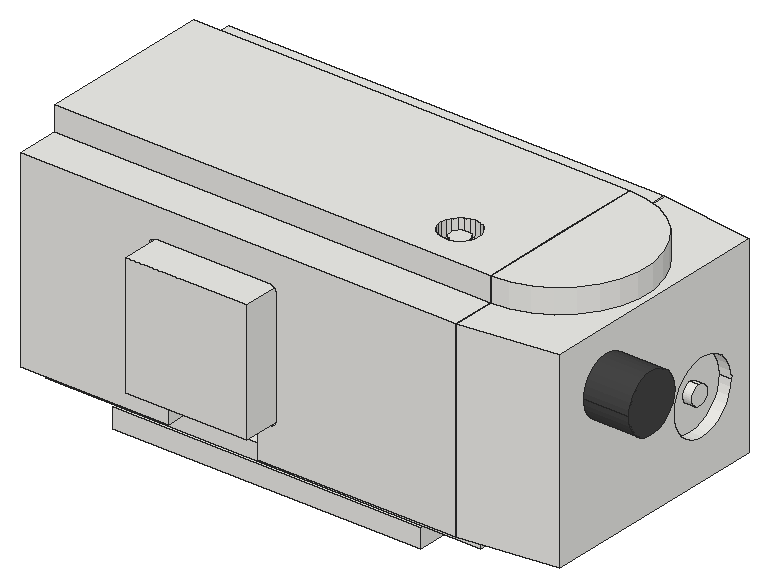
Revit family "PAV_ARICA", category Equipement de génie climatique, Revit 2018
Family settings
  Cote de connecteur circulaire = Utiliser le diamètre
  Classification = Aucun
  Type d'élément = Normal
  Basée sur le plan de construction = Non
  Toujours verticalement = Oui
  Couper avec des vides une fois chargée = Non
  Partagée = Non
  Point de calcul de pièce = Non
Parameters (values of type "17V")
  Zone de maintenance coffret = yes
  Zone de maintenance 1 = yes
  Type_coffret = tableau éléctrique EPT : Coffret_PM2_3xSL150R
  TENSION_ALIM = 400 V
  PUISS_ELECT_2 = 0 kW
  PUISS_ELECT = 0.55 kW
  PUISS_APPARENTE_2 = 0 VA
  PUISS_APPARENTE = PUISS_ELECT / 0.9  # 611.111 VA
  POIDS(Kg) = 22.5 mm
  NIVEAU_SONORE(dB(A)) = 61
  NEUTRE = no
  NBR_POLES = 3
  Lien espace client = ""
  LONG.TROU.BOITE.ELECT = 101.5 mm
  LONG.POMPE.SOCLE (2) = 242 mm
  LONG.POMPE.SOCLE (1) = 53 mm
  LONG.POMPE.REG = 416 mm
  LONG.POMPE.ENV (6) = 342 mm
  LONG.POMPE.ENV (5) = 342 mm
  LONG.POMPE.ENV (4) = 342 mm
  LONG.POMPE.ENV (3) = 452 mm
  LONG.POMPE.ENV (2) = 410.2 mm
  LONG.POMPE.ENV (1) = 416 mm
  LONG.BOITE.ELECT.CAB = 141.5 mm
  LONG.BOITE.ELECT = 104 mm
  LONG.REFOUL = 232 mm
  LONG.ASPI.VIDE = 276.5 mm
  LONG.ASPI = 110 mm
  LARG.POMPE.SOCLE (2) = 77.5 mm
  LARG.POMPE.SOCLE (1) = 77.5 mm
  LARG.POMPE.ENV 3 = 68.2 mm
  LARG.POMPE.ENV 1 = 102.5 mm
  LARG.POMPE.ENV = 102.478 mm
  LARG.BOITE ELECT = 128.5 mm
  LARG.ASPI = 35 mm
  HAUT.POMPE.ENV 1 = 205 mm
  HAUT.POMPE.ENV = 205 mm
  HAUT.ASPI.VIDE = 193 mm
  HAUT.ASPI = 193 mm
  Description = ""
  DOUBLE_ALIMENTATION = yes
  DIAM_REFOUL_VIDE = 15 mm
  DIAM_ASPI_VIDE = 15 mm
  DESCR_REFOUL = "Refoulement Vide; 16m3/h; G1/2\"FEM"
  DESCR_ASPI = "Aspiration Vide; 16m3/h; G1/2\"FEM"
  DESCR_ALIM_X = "Alimentation électrique, 4G1.5mm²"
  DEBIT_REFOUL_VIDE = 16.0 m³/h
  DEBIT_ASPI_VIDE = 16.0 m³/h
  COS_PHI = 0.9  # constant formula
  BRANCHEMENT_TERRE = yes
Types (4, lengths in mm): name | PUISS_ELECT | PUISS_APPARENTE | POIDS(Kg) | NIVEAU_SONORE(dB(A)) | NEUTRE | LONG.TROU.BOITE.ELECT | LONG.POMPE.SOCLE (2) | LONG.POMPE.SOCLE (1) | LONG.POMPE.REG | LONG.POMPE.ENV (6) | LONG.POMPE.ENV (5) | LONG.POMPE.ENV (4) | LONG.POMPE.ENV (3) | LONG.POMPE.ENV (2) | LONG.POMPE.ENV (1) | LONG.BOITE.ELECT.CAB | LONG.BOITE.ELECT | LONG.REFOUL | LONG.ASPI.VIDE | LONG.ASPI | LARG.POMPE.SOCLE (2) | LARG.POMPE.SOCLE (1) | LARG.POMPE.ENV 3 | LARG.POMPE.ENV 1 | LARG.POMPE.ENV | HAUT.POMPE.ENV 1 | HAUT.POMPE.ENV | HAUT.ASPI.VIDE | HAUT.ASPI | DIAM_REFOUL_VIDE | DIAM_ASPI_VIDE | DESCR_REFOUL | DESCR_ASPI | DEBIT_REFOUL_VIDE | DEBIT_ASPI_VIDE
  (no name) | 0.55 kW | 611.111 VA | 22.5 | 61 | no | 101.5 | 242 | 53 | 416 | 342 | 342 | 342 | 452 | 410.2 | 416 | 141.5 | 104 | 232 | 276.5 | 110 | 77.5 | 77.5 | 68.2 | 102.5 | 102.478 | 205 | 205 | 193 | 193 | 15 | 15 | "Refoulement Vide; 16m3/h; G1/2\"FEM" | "Aspiration Vide; 16m3/h; G1/2\"FEM" | 16.0 m³/h | 16.0 m³/h
  17V | 0.55 kW | 611.111 VA | 22.5 | 61 | no | 101.5 | 242 | 53 | 416 | 342 | 342 | 342 | 452 | 410.2 | 416 | 141.5 | 104 | 232 | 276.5 | 110 | 77.5 | 77.5 | 68.2 | 102.5 | 102.478 | 205 | 205 | 193 | 193 | 15 | 15 | "Refoulement Vide; 16m3/h; G1/2\"FEM" | "Aspiration Vide; 16m3/h; G1/2\"FEM" | 16.0 m³/h | 16.0 m³/h
  41V | 1.25 kW | 1388.89 VA | 38 | 67 | yes | 142 | 260 | 111 | 532 | 432 | 432 | 432 | 572 | 500.2 | 532 | 182 | 144.5 | 352 | 348.5 | 182 | 119 | 119 | 90.7 | 125 | 125 | 250 | 250 | 238 | 238 | 20 | 20 | "Refoulement Vide; 40m3/h; G3/4\"FEM" | "Aspiration Vide; 40m3/h; G3/4\"FEM" | 40.0 m³/h | 40.0 m³/h
  27V | 0.75 kW | 833.333 VA | 26 | 62 | yes | 123 | 260 | 76 | 465 | 364.5 | 364.5 | 364.5 | 505 | 455.2 | 465 | 163 | 125.5 | 281 | 286.5 | 120.5 | 119 | 119 | 90.7 | 125 | 125 | 250 | 250 | 238 | 238 | 20 | 20 | "Refoulement Vide; 25m3/h; G3/4\"FEM" | "Aspiration Vide; 25m3/h; G3/4\"FEM" | 25.0 m³/h | 25.0 m³/h
Reference planes
  plane 1 "Centre (avant/arrière)": y = 0
  plane 2 "SOCLE": z = 0
  plane 3 "Centre (gauche/droite)": x = 0
  plane 4: x = -545
  plane 5: x = -545
  plane 6: x = -245
  plane 7 "Carcasse": x = -174
  plane 8 "OFFSET.REFOU": x = 232
  plane 9 "BOITE.ELECT": z = 65.5
  plane 10 "BOITE.ELECT.CAB": z = 65.5
  plane 11 "OFFSET.ASPI": z = 193
  plane 12 "SOCLE (1)": x = -121
  plane 13 "Carcasse (1)": x = 168
Forms (mm)
  Extrusion 1, solid, not visible
    sketch origin (-671.698, -1524, 268) x (-1, 0, 0) y (0, -1, 0)
      loop
        circle (-126.698, -1132) r 25
    from 0 to 17
  Extrusion 2, solid, not visible
    sketch origin (-671.698, -1524, 268) x (-1, 0, 0) y (0, -1, 0)
      loop
        circle (-126.698, -1132) r 25
    from 0 to 17
  Extrusion 3, solid, not visible
    sketch origin (-371.698, -1524, 268) x (-1, 0, 0) y (0, -1, 0)
      loop
        circle (-126.698, -1132) r 25
    from 0 to 17
  Extrusion 4, solid, material "BLANC MILS"
    sketch origin (-174, 31.822, 0) x (0, 1, 0) y (0, 0, 1)
      loop
        line (36.378, 185.984) -> (36.378, 205) -> (-100.022, 205) -> (-100.022, 185.984) -> (-134.3, 185.984) -> (-134.3, 35.984) -> (-109.3, 35.984) -> (-109.3, 16.984) -> (45.7, 16.984) -> (45.7, 35.984) -> (70.656, 35.984) -> (70.656, 185.984) -> (36.378, 185.984)
    from 0 to 342
  Blend 5, solid, material "BLANC MILS"
    base sketch origin (168, 212.167, 1200) x (0, 1, 0) y (0, 0, 1)
      loop
        line (-109.667, -1014.016) -> (-314.667, -1014.016) -> (-314.667, -1164.016) -> (-109.667, -1164.016) -> (-109.667, -1014.016)
    top sketch origin (168, 212.167, 1200) x (0, 1, 0) y (0, 0, 1)
      loop
        line (-119.667, -1014.016) -> (-304.667, -1014.016) -> (-304.667, -1164.016) -> (-119.667, -1164.016) -> (-119.667, -1014.016)
    from 0 to 74
  Extrusion 6, void
    sketch origin (0, -102.503, 0) x (-1, 0, 0) y (0, 0, 1)
      loop
        line (67.5, 163) -> (-22.5, 163)
        arc (-22.5, 163) -> (-26.036, 161.536) -> (-27.5, 158) r 5
        line (-27.5, 158) -> (-27.5, 68)
        arc (-27.5, 68) -> (-26.036, 64.464) -> (-22.5, 63) r 5
        line (-22.5, 63) -> (-12.5, 63) -> (-12.5, 29.418) -> (57.5, 29.418) -> (57.5, 63) -> (67.5, 63)
        arc (67.5, 63) -> (71.036, 64.464) -> (72.5, 68) r 5
        line (72.5, 68) -> (72.5, 158)
        arc (72.5, 158) -> (71.036, 161.536) -> (67.5, 163) r 5
    from -25.997 to 34.3
  Extrusion 7, solid, material "NOIR MILS"
    sketch origin (242, 0, 0) x (0, 1, 0) y (0, 0, 1)
      loop
        circle (-47.5, 145) r 22.53
    from 0 to 36
  Revolve 8, solid, material "BLANC MILS"
    sketch origin (168, -148, 0) x (0, -1, 0) y (0, 0, 1)
      loop
        line (-216.2, 185.984) -> (-148, 185.984) -> (-148, 205) -> (-216.2, 205) -> (-216.2, 185.984)
      axis (-148, 205) -> (-148, 185.984)
    angle from 0 to 180
  Extrusion 9, void
    sketch origin (242, 0, 0) x (0, 1, 0) y (0, 0, 1)
      loop
        circle (47.5, 95) r 28.5
    from -10 to 0
  Extrusion 10, solid, material "BLANC MILS"
    sketch origin (232, 0, 0) x (0, 0, -1) y (0, -1, 0)
      loop
        circle (-95, -47.5) r 7.503
    from -7.5 to 0
  Extrusion 11, solid, material "BLANC MILS"
    sketch origin (-279.728, -1524, 65.5) x (-1, 0, 0) y (0, -1, 0)
      loop
        line (-209.728, -1455.822) -> (-209.728, -1395.5) -> (-304.728, -1395.5) -> (-304.728, -1455.822) -> (-209.728, -1455.822)
    from 0 to 95
  Extrusion 12, solid, material "BLANC MILS"
    sketch origin (0, 0, 65.5) x (-1, 0, 0) y (0, -1, 0)
      loop
        line (32.5, 92.578) -> (27.5, 101.238) -> (17.5, 101.238) -> (12.5, 92.578) -> (17.5, 83.918) -> (27.5, 83.918) -> (32.5, 92.578)
    from 0 to -5
  Extrusion 13, void
    sketch origin (-460.751, -1524, 193) x (0, -1, 0) y (-1, 0, 0)
      loop
        line (-1489, -563.251) -> (-1492.882, -563.762) -> (-1496.5, -565.261) -> (-1499.607, -567.644) -> (-1501.99, -570.751) -> (-1503.489, -574.369) -> (-1504, -578.251) -> (-1503.489, -582.133) -> (-1501.99, -585.751) -> (-1499.607, -588.858) -> (-1496.5, -591.241) -> (-1492.882, -592.74) -> (-1489, -593.251) -> (-1485.118, -592.74) -> (-1481.5, -591.241) -> (-1478.393, -588.858) -> (-1476.01, -585.751) -> (-1474.511, -582.133) -> (-1474, -578.251) -> (-1474.511, -574.369) -> (-1476.01, -570.751) -> (-1478.393, -567.644) -> (-1481.5, -565.261) -> (-1485.118, -563.762) -> (-1489, -563.251)
    from 0 to -12
  Extrusion 14, solid, material "BLANC MILS"
    sketch origin (-460.752, -1524, 193) x (-1, 0, 0) y (0, -1, 0)
      loop
        line (-570.752, -1489) -> (-571.007, -1487.059) -> (-571.756, -1485.25) -> (-572.948, -1483.697) -> (-574.501, -1482.505) -> (-576.31, -1481.756) -> (-578.251, -1481.501) -> (-580.192, -1481.756) -> (-582.001, -1482.505) -> (-583.554, -1483.697) -> (-584.746, -1485.25) -> (-585.495, -1487.059) -> (-585.751, -1489) -> (-585.495, -1490.941) -> (-584.746, -1492.75) -> (-583.554, -1494.303) -> (-582.001, -1495.495) -> (-580.192, -1496.244) -> (-578.251, -1496.499) -> (-576.31, -1496.244) -> (-574.501, -1495.495) -> (-572.948, -1494.303) -> (-571.756, -1492.75) -> (-571.007, -1490.941) -> (-570.752, -1489)
    from 0 to 7.5
  Extrusion 15, solid, material "BLANC MILS"
    sketch origin (-121, 425.938, 1200) x (0, 1, 0) y (0, 0, 1)
      loop
        line (-475.438, -1183.016) -> (-475.438, -1185) -> (-503.438, -1185) -> (-503.438, -1200) -> (-348.438, -1200) -> (-348.438, -1185) -> (-376.438, -1185) -> (-376.438, -1183.016) -> (-393.438, -1183.016) -> (-393.438, -1185) -> (-458.438, -1185) -> (-458.438, -1183.016) -> (-475.438, -1183.016)
    from 0 to 242
Cuts and joins
  Extrusion 9 cuts Blend 5
  joined: Blend 5, Extrusion 10
  Extrusion 6, Extrusion 13 cuts Extrusion 4
Dimensions and locks
  "LONG.POMPE.ENV (1)": plane 7 "Carcasse" to cut or joined group of Blend 5, Extrusion 9, Extrusion 10
  plane 7 "Carcasse" to Revolve 8 = 410.2 mm
  "LONG.POMPE.ENV (4)": plane 7 "Carcasse" to cut or joined group of Blend 5, Extrusion 9, Extrusion 10
  "LONG.POMPE.REG": plane 7 "Carcasse" to Extrusion 7
  Extrusion 7 to Extrusion 7 = 36 mm
  "LONG.BOITE.ELECT": Extrusion 11 to plane 7 "Carcasse"
  locked: Extrusion 11 to Extrusion 11 at 95
  "LONG.BOITE.ELECT.CAB": Extrusion 12 to plane 7 "Carcasse"
  "LONG.REFOUL": cut or joined group of Blend 5, Extrusion 9, Extrusion 10 to plane 3 "Centre (gauche/droite)"
  cut or joined group of Blend 5, Extrusion 9, Extrusion 10 to Extrusion 9 to cut or joined group of Blend 5, Extrusion 9, Extrusion 10 to Extrusion 9 = 0 mm locked, 7.5 mm locked, 2.5 mm locked
  "LONG.ASPI": Extrusion 14 to plane 3 "Centre (gauche/droite)"
  "LONG.ASPI.VIDE": Extrusion 13 to plane 7 "Carcasse"
  "LONG.TROU.BOITE.ELECT": plane 7 "Carcasse" to cut or joined group of Extrusion 4, Extrusion 6, Extrusion 13
  cut or joined group of Extrusion 4, Extrusion 6, Extrusion 13 to cut or joined group of Extrusion 4, Extrusion 6, Extrusion 13 to cut or joined group of Extrusion 4, Extrusion 6, Extrusion 13 to cut or joined group of Extrusion 4, Extrusion 6, Extrusion 13 = 15 mm locked, 70 mm locked, 15 mm locked
  "LONG.POMPE.ENV (5)": plane 7 "Carcasse" to cut or joined group of Extrusion 4, Extrusion 6, Extrusion 13
  "LARG.BOITE ELECT": plane 1 "Centre (avant/arrière)" to Extrusion 11
  "LONG.POMPE.SOCLE (1)": plane 7 "Carcasse" to plane 12 "SOCLE (1)"
  "LONG.POMPE.SOCLE (2)": plane 12 "SOCLE (1)" to Extrusion 15
  "LARG.POMPE.SOCLE (1)": plane 1 "Centre (avant/arrière)" to Extrusion 15
  plane 1 "Centre (avant/arrière)" to Extrusion 15 to Extrusion 15 = 32.5 mm locked, 17 mm locked
  "LARG.POMPE.SOCLE (2)": Extrusion 15 to plane 1 "Centre (avant/arrière)"
  Extrusion 15 to Extrusion 15 to plane 1 "Centre (avant/arrière)" = 17 mm locked, 32.5 mm locked
  "LONG.BOITE.ELECT": cut or joined group of Extrusion 4, Extrusion 6, Extrusion 13 to Extrusion 11
  cut or joined group of Extrusion 4, Extrusion 6, Extrusion 13 to Extrusion 14 = 291.499 mm
  cut or joined group of Extrusion 4, Extrusion 6, Extrusion 13 to Extrusion 7 = 452 mm
  cut or joined group of Extrusion 4, Extrusion 6, Extrusion 13 to cut or joined group of Blend 5, Extrusion 9, Extrusion 10 = 416 mm
  "LONG.POMPE.ENV (3)": plane 7 "Carcasse" to Extrusion 7
  "HAUT.POMPE.ENV": cut or joined group of Extrusion 4, Extrusion 6, Extrusion 13 to level
  cut or joined group of Extrusion 4, Extrusion 6, Extrusion 13 to cut or joined group of Extrusion 4, Extrusion 6, Extrusion 13 to cut or joined group of Extrusion 4, Extrusion 6, Extrusion 13 to cut or joined group of Extrusion 4, Extrusion 6, Extrusion 13 = 19.016 mm locked, 150 mm, 19 mm locked  (x2)
  "LARG.POMPE.ENV": cut or joined group of Extrusion 4, Extrusion 6, Extrusion 13 to plane 1 "Centre (avant/arrière)" to cut or joined group of Extrusion 4, Extrusion 6, Extrusion 13
  locked: cut or joined group of Extrusion 4, Extrusion 6, Extrusion 13 to cut or joined group of Extrusion 4, Extrusion 6, Extrusion 13 at 34.278  (x2)
  locked: cut or joined group of Extrusion 4, Extrusion 6, Extrusion 13 to cut or joined group of Extrusion 4, Extrusion 6, Extrusion 13 at 24.956
  locked: cut or joined group of Extrusion 4, Extrusion 6, Extrusion 13 to cut or joined group of Extrusion 4, Extrusion 6, Extrusion 13 at 25
  "HAUT.POMPE.ENV 1": Revolve 8 to level
  Extrusion 15 to cut or joined group of Blend 5, Extrusion 9, Extrusion 10 to cut or joined group of Blend 5, Extrusion 9, Extrusion 10 to Revolve 8 = 35.984 mm locked, 150 mm, 19.016 mm locked
  "LARG.POMPE.ENV 1": cut or joined group of Blend 5, Extrusion 9, Extrusion 10 to plane 1 "Centre (avant/arrière)" to cut or joined group of Blend 5, Extrusion 9, Extrusion 10
  locked: cut or joined group of Blend 5, Extrusion 9, Extrusion 10 to cut or joined group of Blend 5, Extrusion 9, Extrusion 10 at 10  (x2)
  locked: cut or joined group of Extrusion 4, Extrusion 6, Extrusion 13 to Revolve 8 at 19.016
  "LARG.POMPE.ENV 3": Revolve 8 to plane 1 "Centre (avant/arrière)"
  "LONG.POMPE.ENV (6)": plane 7 "Carcasse" to Revolve 8
  "HAUT.ASPI": cut or joined group of Extrusion 4, Extrusion 6, Extrusion 13 to level
  locked: cut or joined group of Extrusion 4, Extrusion 6, Extrusion 13 to cut or joined group of Extrusion 4, Extrusion 6, Extrusion 13 at 12
  "HAUT.ASPI.VIDE": Extrusion 14 to level
  locked: Extrusion 14 to Extrusion 14 at 7.5
  "LARG.ASPI": Extrusion 14 to plane 1 "Centre (avant/arrière)"
  radius of Extrusion 1 sketch curve = 25 mm
  radius of Extrusion 2 sketch curve = 25 mm
  radius of Extrusion 3 sketch curve = 25 mm
  aligned and locked: level to plane 2 "SOCLE"
Automatic sketch dimensions
  plane 3 "Centre (gauche/droite)" to Extrusion 6 sketch curve = 27.5 mm
  Extrusion 6 sketch curve to Extrusion 6 sketch curve = 5 mm  (x3)
  plane 3 "Centre (gauche/droite)" to Extrusion 6 sketch curve = 12.5 mm
  Extrusion 6 sketch curve to plane 3 "Centre (gauche/droite)" = 57.5 mm
  Extrusion 6 sketch curve to Extrusion 6 sketch curve = 10 mm
  Extrusion 6 sketch curve to plane 3 "Centre (gauche/droite)" = 67.5 mm
  level to Extrusion 6 sketch curve = 29.418 mm
  Extrusion 6 sketch curve to Extrusion 6 sketch curve = 33.582 mm  (x2)
  Extrusion 6 sketch curve to Extrusion 6 sketch curve = 90 mm
  plane 1 "Centre (avant/arrière)" to Extrusion 7 sketch curve = 47.5 mm
  level to Extrusion 7 sketch curve = 145 mm
  Extrusion 9 sketch curve to plane 1 "Centre (avant/arrière)" = 47.5 mm
  level to Extrusion 9 sketch curve = 95 mm
  level to Extrusion 10 sketch curve = 95 mm
  Extrusion 10 sketch curve to plane 1 "Centre (avant/arrière)" = 47.5 mm
  plane 3 "Centre (gauche/droite)" to Extrusion 11 sketch curve = 25 mm
  Extrusion 11 sketch curve to plane 3 "Centre (gauche/droite)" = 70 mm
  plane 1 "Centre (avant/arrière)" to Extrusion 11 sketch curve = 68.178 mm
  Extrusion 11 sketch curve to Extrusion 11 sketch curve = 60.322 mm
  Blend 5 sketch curve to plane 9 "BOITE.ELECT" = 29.516 mm  (x2)
  Blend 5 sketch curve to plane 1 "Centre (avant/arrière)" = 102.5 mm
  Blend 5 sketch curve to plane 11 "OFFSET.ASPI" = 7.016 mm  (x2)
  plane 1 "Centre (avant/arrière)" to Blend 5 sketch curve = 102.5 mm
  Revolve 8 sketch curve to plane 1 "Centre (avant/arrière)" = 0 mm  (x2)
  Revolve 8 sketch curve to plane 11 "OFFSET.ASPI" = 7.016 mm
  plane 11 "OFFSET.ASPI" to Revolve 8 sketch curve = 12 mm
  Revolve 8 sketch curve to Revolve 8 sketch curve = 68.2 mm
  Revolve 8 sketch curve to Revolve 8 sketch curve = 0 mm  (x2)
  Extrusion 15 sketch curve to level = 0 mm
  plane 1 "Centre (avant/arrière)" to Extrusion 15 sketch curve = 77.5 mm
  Extrusion 15 sketch curve to Extrusion 15 sketch curve = 28 mm  (x2)
  Extrusion 15 sketch curve to Extrusion 15 sketch curve = 17 mm  (x2)
  Extrusion 15 sketch curve to plane 1 "Centre (avant/arrière)" = 32.5 mm
  level to Extrusion 15 sketch curve = 15 mm  (x2)
  Extrusion 15 sketch curve to Extrusion 15 sketch curve = 1.984 mm  (x3)
  Extrusion 4 sketch curve to plane 11 "OFFSET.ASPI" = 7.016 mm  (x2)
  plane 1 "Centre (avant/arrière)" to Extrusion 4 sketch curve = 102.478 mm
  Extrusion 4 sketch curve to Extrusion 4 sketch curve = 25 mm
  Extrusion 4 sketch curve to Extrusion 4 sketch curve = 34.278 mm  (x2)
  Extrusion 4 sketch curve to Extrusion 4 sketch curve = 136.4 mm
  Extrusion 4 sketch curve to plane 9 "BOITE.ELECT" = 29.516 mm  (x2)
  level to Extrusion 4 sketch curve = 16.984 mm
  plane 11 "OFFSET.ASPI" to Extrusion 4 sketch curve = 12 mm
  Extrusion 4 sketch curve to Extrusion 4 sketch curve = 24.956 mm
  plane 1 "Centre (avant/arrière)" to Blend 5 sketch curve = 92.5 mm
  Blend 5 sketch curve to plane 1 "Centre (avant/arrière)" = 92.5 mm
  radius of Extrusion 7 sketch curve = 22.53 mm
  radius of Extrusion 9 sketch curve = 28.5 mm
  radius of Extrusion 10 sketch curve = 7.503 mm
Connectors
  piping at (239.5, 47.5, 95), diameter 15, driven by "DIAM_REFOUL_VIDE", driven by "DEBIT_REFOUL_VIDE", driven by "DESCR_REFOUL"
    settings: on cut or joined group of Blend 5, Extrusion 9, Extrusion 10, index 4, connector inside diameter 609.6 mm, connector length 0 mm, flow factor 0, pipe flow 16.0 m³/h, pressure drop 0.0 Pa, fitting loss kfactor 0, connector angle 0.00°, fixture units 0, engagement length 0 mm, angle of deflection 0.00°, flow configuration 0, flow direction 2, fitting loss method 0, system type 22, joint type 0, gender type 0, connector reference index -1, connector utility 0, adjustable connector no, is connector primary yes, connector description "Refoulement Vide; 16m3/h; G1/2\"FEM"
  electrical at (-22.5, -92.578, 60.5), driven by "TENSION_ALIM", driven by "PUISS_APPARENTE", driven by "DESCR_ALIM_X"
    settings: on Extrusion 12, index 5, voltage 400 V, apparent load 611.111 VA, apparent load phase1 0 VA, apparent load phase2 0 VA, apparent load phase3 0 VA, power factor 1, load classification "Moteur", number of poles 1, system type 30, power factor state 1, is connector primary yes, connector utility no, sub classification motor no, connector description "Alimentation électrique, 4G1.5mm²"
  piping at (117.499, -35, 200.5), diameter 15, driven by "DEBIT_ASPI_VIDE", driven by "DESCR_ASPI", driven by "DIAM_ASPI_VIDE"
    settings: on Extrusion 14, index 6, connector inside diameter 609.6 mm, connector length 0 mm, flow factor 0, pipe flow 16.0 m³/h, pressure drop 0.0 Pa, fitting loss kfactor 0, connector angle 0.00°, fixture units 0, engagement length 0 mm, angle of deflection 0.00°, flow configuration 0, flow direction 1, fitting loss method 0, system type 22, joint type 0, gender type 0, connector reference index -1, connector utility 0, adjustable connector no, is connector primary no, connector description "Aspiration Vide; 16m3/h; G1/2\"FEM"
